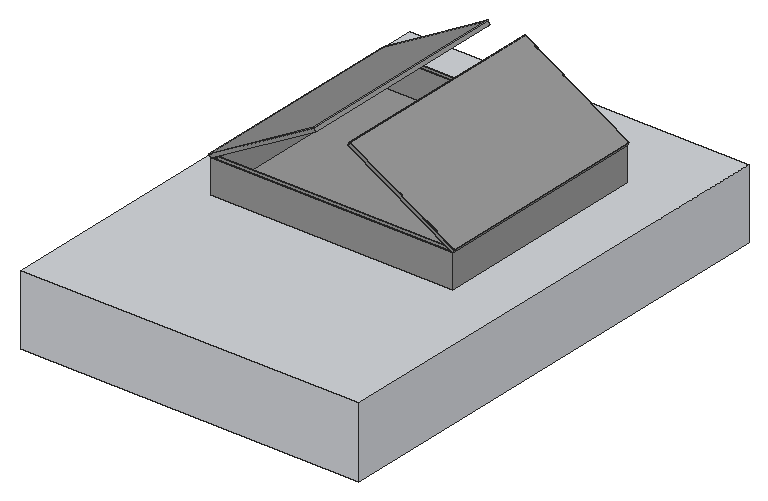
Revit family "Hager-Univers-IP44-D161-H950-Cl.II-FWQ_encl_QS-AT-de", category Equipement électrique, Revit 2020
Family settings
  Hôte = Face
  Configuration du panneau = Deux colonnes, circuits au sein
  Cote de connecteur circulaire = Utiliser le diamètre
  Type d'élément = Tableau de raccordement
  Couper avec des vides une fois chargée = Non
  Partagée = Non
  Point de calcul de pièce = Non
Parameters (values of type "Aufputz IP44 B1050 H950 T161  - FWQ64N")
  Width Control [instance] = if([EF000008 - Breite] > Min Width, [EF000008 - Breite], Min Width)  # 1050 mm
  Commentaires du type = [HG000003 - Bereich]  # "Univers"
  Thickness Door [instance] = if([EF009171 - Materialstärke Tür/Deckel] > 3 mm, 3 mm, [EF009171 - Materialstärke Tür/Deckel])  # 2 mm
  Seal Frame Offset [instance] = 17 mm  # constant formula
  Plinth Visibility [instance] = [HG000027 - Sockelhöhe] > 0 mm  # no
  Model = ""
  Min Width [instance] = 100 mm  # constant formula
  Min Height [instance] = 100 mm  # constant formula
  Min Depth [instance] = (2 * [EF009170 - Materialstärke Gehäuse]) + 1 mm  # 5 mm
  Internal Frame Depth [instance] = (Door System Depth * 0.5)  # 9 mm
  Height Control [instance] = if([EF000040 - Höhe] > Min Height, [EF000040 - Höhe], Min Height)  # 950 mm
  HG000027 - Sockelhöhe = 0 mm
  HG000026 - Stehend auf dem Boden = no
  HG000024 - Höhe des unteren Teils = 800 mm
  HG000023 - Gehäuse mit doppeltem Querschnitt = no
  HG000016 - 3D-Türsichtbarkeit [instance] = yes
  HG000015 - Sichtbarkeit der Türöffnung [instance] = no
  HG000014 - Tür rechts [instance] = yes
  HG000013 - Tür links [instance] = not([HG000014 - Tür rechts])  # no
  HG000012 - Türschwenkwinkel [instance] = 30.00°
  HG000010 - Asymmetrische Türen = no
  HG000009 - Doppelflügeligen Tür = yes
  HG000006 - Unterputz = no
  HG000004 - Herstellerreferenz = "FWQ64N"
  HG000003 - Bereich = "Univers"
  HG000002 - Mit tür = yes
  Frame Offset Bottom [instance] = 10 mm  # constant formula
  Frame Offset [instance] = 15 mm  # constant formula
  EF015940 - Deckel mit Überdruckentlastung = no
  EF011959 - Schutzart (NEMA) = ""
  EF009554 - Anzahl der Öffnungen für Flanschplatten = 8
  Fabricant = "Hager"  # constant formula
  EF009212 - Ausführung Deckel = "EV009916 - mit Ausschnitt"
  EF009171 - Materialstärke Tür/Deckel = 2 mm
  EF009170 - Materialstärke Gehäuse = 2 mm
  EF008873 - Nennstrom (In) = 125 A
  EF007800 - Geeignet für Blitzschutz = no
  EF006306 - Mit Schloss = no
  EF006244 - Transparenter Deckel/Tür = no
  EF005474 - Schutzart (IP) = "EV006418 - IP44"
  EF004464 - Art der Tür = "EV002646 - Einzel"
  EF004427 - Anzahl der Module = 192
  EF004293 - Schlagfestigkeit = "EV006815 - IK09"
  EF003532 - Geeignet für Außengebrauch = no
  EF002950 - Breite in Teilungseinheiten = 48
  EF001613 - Funktionserhalt = "EV000494 - ohne"
  EF001596 - Werkstoff des Gehäuses = "EV000179 - Stahl"
  EF001131 - Innentiefe = 161 mm
  EF001088 - Anbaumöglichkeit = yes
  EF000437 - Anzahl der Leitungseinführungen = 16
  EF000339 - Art der Abdeckung = "EV001012 - Deckel"
  EF000266 - Anzahl der Reihen = 4
  EF000218 - Einbautiefe = 0 mm
  EF000118 - Mit Montageplatte = yes
  EF000116 - RAL-Nummer = "9010"
  EF000049 - Tiefe = 161 mm
  EF000040 - Höhe = 950 mm
  EF000008 - Breite = 1050 mm
  EF000007 - Farbe = "EV000202 - weiß"
  EF000003 - Montageart = "EV000384 - Aufputz"
  Door System Leaf Tolerance [instance] = 1.5 mm  # constant formula
  Door System Depth [instance] = 18 mm  # constant formula
  Door Height [instance] = Height Control - [HG000027 - Sockelhöhe]  # 950 mm
  Depth Control [instance] = if([EF000049 - Tiefe] > Min Depth, [EF000049 - Tiefe], Min Depth)  # 161 mm
  Default Elevation = 0 mm
  Connector Offset [instance] = Height Control / 2  # 475 mm
  Bottom Top Plate Trim [instance] = 1.5 mm  # constant formula
  Plinth height Ctrl [instance] = if([HG000027 - Sockelhöhe] > 0 mm, [HG000027 - Sockelhöhe], 12 mm)  # 12 mm
Reference planes
  plane 1 "Center (Front/Back)": y = 0
  plane 2: z = 0
  plane 3 "Center (Left/Right)": x = 0
  plane 4: z = 161
  plane 5: y = 2
  plane 6: y = 475
  plane 7: y = 0
  plane 8: y = 950
  plane 9: z = 0
  plane 10: x = -510
  plane 11: x = 510
  plane 12: x = 508
  plane 13: x = -508
  plane 14: y = 948
  plane 15: x = -508
  plane 16: x = -525
  plane 17: x = 508
  plane 18: x = 525
  plane 19: x = 523
  plane 20: x = -523
  plane 21: y = 12
  plane 22: y = 950
  plane 23: y = 933
  plane 24: z = 143
  plane 25: z = 2
  plane 26: z = 141
  plane 27: z = 159
Forms (mm)
  Extrusion 1, solid
    sketch origin (0, 0, 0) x (1, 0, 0) y (0, 1, 0)
      loop
        line (-702.964, 1305) -> (-702.964, -811.445) -> (766.763, -811.445) -> (766.763, 1305) -> (-702.964, 1305)
    from 0 to -304.8
  Extrusion 2, solid, material "Hager_Steel_RAL7035_Light_Grey", visible <- "Plinth Visibility", detail levels medium+fine
    sketch origin (0, 0, 0) x (1, 0, 0) y (0, 1, 0)
      loop
        line (-525, 0) -> (525, 0) -> (525, 12) -> (-525, 12) -> (-525, 0)
    from 0 to 143
  Extrusion 3, solid, material "Hager_Steel_RAL7035_Light_Grey", detail levels medium+fine
    sketch origin (0, 0, 0) x (1, 0, 0) y (0, 1, 0)
      loop
        line (-525, 0) -> (525, 0) -> (525, 950) -> (-525, 950) -> (-525, 0)
    from 0 to 143
  Extrusion 4, void
    sketch origin (0, 0, 0) x (1, 0, 0) y (0, 1, 0)
      loop
        line (-523, 2) -> (523, 2) -> (523, 948) -> (-523, 948) -> (-523, 2)
    from 2 to 141
  Extrusion 5, void
    sketch origin (-381.607, -4572, 143) x (0, -1, 0) y (-1, 0, 0)
      loop
        line (-4584, 126.393) -> (-5505, 126.393) -> (-5505, -889.607) -> (-4584, -889.607) -> (-4584, 126.393)
    from 0 to 2 <- "EF009170 - Materialstärke Gehäuse"
  Extrusion 6, solid, material "Hager_Steel_RAL7035_Light_Grey", detail levels fine
    sketch origin (0, 0, 143) x (1, 0, 0) y (0, 1, 0)
      loop
        line (-508, 933) -> (-508, 12) -> (508, 12) -> (508, 933) -> (-508, 933)
      loop
        line (-510, 10) -> (510, 10) -> (510, 935) -> (-510, 935) -> (-510, 10)
    from 0 to 9 <- "Internal Frame Depth"
  Extrusion 7, solid, material "Hager_Steel_RAL7035_Light_Grey", detail levels coarse
    sketch origin (0, 0, 0) x (1, 0, 0) y (0, 1, 0)
      loop
        line (-525, 0) -> (525, 0) -> (525, 950) -> (-525, 950) -> (-525, 0)
    from 0 to 161
  Sweep 8, void
    path in 3D
      loop
        line (-525, 12, 0) -> (525, 12, 0) -> (525, 12, 143) -> (-525, 12, 143) -> (-525, 12, 0)
    profile origin (-525, 12, 71.5) x (-1, 0, 0) y (0, -1, 0)
      loop
        line (0, 0) -> (0, 1.5) -> (-1.5, 1.5)
        arc (-1.5, 1.5) -> (-1.061, 0.439) -> (0, 0) r 1.5
Cuts and joins
  Extrusion 4, Extrusion 5 cuts Extrusion 3
  Sweep 8 cuts Extrusion 2
Lines and regions (mm)
  Masking region 1
    outline origin (0, 0, 0) x (1, 0, 0) y (0, 0, 1)
      loop
        line (-525, 161) -> (-525, 0) -> (525, 0) -> (525, 161) -> (-525, 161)
  Masking region 2, detail levels medium+fine
    outline origin (0, 140, 0) x (0, 1, 0) y (0, 0, 1)
      loop
        line (-140, 0) -> (810, 0) -> (810, 143) -> (-140, 143) -> (-140, 0)
  Masking region 3, not visible, detail levels medium+fine
    outline origin (0, 297.922, 0) x (0, 1, 0) y (0, 0, 1)
      loop
        line (188.578, 0) -> (228.578, 0) -> (228.578, 149)
        arc (228.578, 149) -> (225.649, 156.071) -> (218.578, 159) r 10
        line (218.578, 159) -> (188.578, 159) -> (188.578, 0)
  Masking region 4, detail levels coarse
    outline origin (0, 0, 180) x (0, 1, 0) y (0, 0, 1)
      loop
        line (0, -180) -> (950, -180) -> (950, -19) -> (0, -19) -> (0, -180)
  Masking region 5, visible <- "Plinth Visibility", detail levels medium+fine
    outline origin (0, 52.24, 12.345) x (0, 0, -1) y (0, 1, 0)
      loop
        line (10.845, -40.24) -> (-129.155, -40.24)
        arc (-129.155, -40.24) -> (-129.594, -41.301) -> (-130.655, -41.74) r 1.5
        line (-130.655, -41.74) -> (-130.655, -52.24) -> (12.345, -52.24) -> (12.345, -41.74)
        arc (12.345, -41.74) -> (11.285, -41.301) -> (10.845, -40.24) r 1.5
  Masking region 6, detail levels medium+fine
    outline origin (-381.607, -4572, 143) x (-1, 0, 0) y (0, -1, 0)
      loop
        line (143.393, -5522) -> (143.393, -4572) -> (-906.607, -4572) -> (-906.607, -5522) -> (143.393, -5522)
  Masking region 7, visible <- "Plinth Visibility", detail levels medium+fine
    outline origin (-381.607, -4727, 143) x (-1, 0, 0) y (0, -1, 0)
      loop
        arc (141.893, -4739) -> (142.332, -4737.939) -> (143.393, -4737.5) r 1.5
        line (143.393, -4737.5) -> (143.393, -4727) -> (-906.607, -4727) -> (-906.607, -4737.5)
        arc (-906.607, -4737.5) -> (-905.546, -4737.939) -> (-905.107, -4739) r 1.5
        line (-905.107, -4739) -> (141.893, -4739)
  Masking region 8, detail levels coarse
    outline origin (-442.548, -4669.526, 143) x (-1, 0, 0) y (0, -1, 0)
      loop
        line (82.452, -5619.526) -> (82.452, -4669.526) -> (-967.548, -4669.526) -> (-967.548, -5619.526) -> (82.452, -5619.526)
  sketch lines
    curve 1: line (-525, 12, 143) -> (-525, 12, 0)
    curve 2: line (525, 12, 143) -> (-525, 12, 143)
    curve 3: line (525, 12, 143) -> (525, 12, 0)
    curve 4: line (-525, 12, 0) -> (525, 12, 0)
Dimensions and locks
  "Depth Control": plane 4 to Extrusion 1
  "HG000027 - Sockelhöhe": plane 1 "Center (Front/Back)" to plane 7
  "EF009170 - Materialstärke Gehäuse": plane 5 to plane 7
  locked: connector elem to plane 3 "Center (Left/Right)"
  equal spacing: plane 8, plane 6, plane 7
  locked: connector elem to plane 6
  "EF009170 - Materialstärke Gehäuse": plane 8 to plane 14
  "EF009170 - Materialstärke Gehäuse": plane 10 to plane 13
  "EF009170 - Materialstärke Gehäuse": plane 12 to plane 11
  "Frame Offset": plane 20 to plane 13
  "Frame Offset": plane 12 to plane 19
  "EF009170 - Materialstärke Gehäuse": plane 16 to plane 20
  "EF009170 - Materialstärke Gehäuse": plane 19 to plane 18
  "Seal Frame Offset": plane 16 to plane 15
  "Seal Frame Offset": plane 17 to plane 18
  "Frame Offset Bottom": plane 21 to plane 5
  "Frame Offset": plane 14 to plane 23
  equal spacing: plane 16, plane 3 "Center (Left/Right)", plane 18
  "Width Control": plane 16 to plane 18
  "EF009170 - Materialstärke Gehäuse": plane 4 to plane 27
  "EF009170 - Materialstärke Gehäuse": plane 24 to plane 26
  "EF009170 - Materialstärke Gehäuse": plane 25 to level
  "Door System Depth": plane 4 to plane 24
  "Height Control": plane 1 "Center (Front/Back)" to Extrusion 7 sketch curve
  "Height Control": Masking region 4 sketch curve to plane 1 "Center (Front/Back)"
  "Height Control": plane 1 "Center (Front/Back)" to plane 22
  "Bottom Top Plate Trim": profile plane to Sweep 8 sketch curve
  "Bottom Top Plate Trim": Sweep 8 sketch curve to profile plane
  "Plinth height Ctrl": plane 1 "Center (Front/Back)" to Extrusion 2 sketch curve
  "Plinth height Ctrl": Masking region 5 sketch curve to plane 1 "Center (Front/Back)"
  "Plinth height Ctrl": plane 1 "Center (Front/Back)" to Masking region 7 sketch curve
  "Thickness Door": Extrusion 6 sketch curve to Extrusion 6 sketch curve  (x3)
  "Thickness Door": cut or joined group of Extrusion 3, Extrusion 4, Extrusion 5 to Extrusion 6 sketch curve
  radius of Masking region 3 sketch curve = 10 mm
  "Bottom Top Plate Trim": radius of Masking region 5 sketch curve  (x2)
  "Bottom Top Plate Trim": radius of Sweep 8 sketch curve
  "Bottom Top Plate Trim": radius of Masking region 7 sketch curve  (x2)
  aligned and locked: plane 2 to Extrusion 1
  aligned and locked: level to Extrusion 1
  aligned and locked: level to Masking region 1 sketch curve
  aligned and locked: Masking region 1 sketch curve to plane 18
  aligned and locked: Masking region 1 sketch curve to plane 16
  aligned and locked: plane 7 to Masking region 2 sketch curve
  aligned and locked: level to Masking region 3 sketch curve
  aligned and locked: Masking region 3 sketch curve to plane 27
  aligned and locked: level to Masking region 2 sketch curve
  aligned and locked: plane 1 "Center (Front/Back)" to Extrusion 2 sketch curve
  aligned and locked: Extrusion 3 sketch curve to plane 7
  aligned and locked: plane 16 to Extrusion 3 sketch curve
  aligned and locked: plane 18 to Extrusion 3 sketch curve
  aligned and locked: plane 20 to Extrusion 4 sketch curve
  aligned and locked: plane 19 to Extrusion 4 sketch curve
  aligned and locked: Extrusion 4 sketch curve to plane 5
  aligned and locked: Extrusion 4 to plane 25
  aligned and locked: plane 26 to Extrusion 4
  aligned and locked: plane 24 to Extrusion 3
  aligned and locked: Extrusion 5 sketch curve to plane 21
  aligned and locked: Extrusion 5 sketch curve to plane 13
  aligned and locked: Extrusion 5 sketch curve to plane 12
  aligned and locked: plane 18 to Extrusion 7 sketch curve
  aligned and locked: plane 1 "Center (Front/Back)" to Extrusion 7 sketch curve
  aligned and locked: plane 16 to Extrusion 7 sketch curve
  aligned and locked: plane 4 to Extrusion 7
  aligned and locked: Extrusion 7 to level
  aligned and locked: level to Masking region 4 sketch curve
  aligned and locked: Masking region 4 sketch curve to plane 1 "Center (Front/Back)"
  aligned and locked: Masking region 4 sketch curve to plane 4
  aligned and locked: nested 1 to level
  aligned and locked: nested 1 to plane 16
  aligned and locked: Extrusion 3 sketch curve to plane 8
  aligned and locked: Extrusion 5 sketch curve to plane 23
  aligned and locked: Extrusion 4 sketch curve to plane 14
  aligned and locked: Masking region 2 sketch curve to plane 8
  aligned and locked: level to Masking region 5 sketch curve
  aligned and locked: plane 16 to Extrusion 2 sketch curve
  aligned and locked: plane 18 to Extrusion 2 sketch curve
  aligned and locked: Masking region 5 sketch curve to plane 24
  aligned and locked: Masking region 2 sketch curve to plane 24
  aligned and locked: plane 24 to Extrusion 2
  aligned and locked: profile plane to Sweep 8 sketch curve  (x2)
  aligned and locked: Masking region 6 sketch curve to plane 18
  aligned and locked: Masking region 6 sketch curve to plane 22
  aligned and locked: Masking region 6 sketch curve to plane 16
  aligned and locked: plane 8 to plane 22
  aligned and locked: Masking region 6 sketch curve to plane 7
  aligned and locked: Masking region 7 sketch curve to plane 16
  aligned and locked: Masking region 7 sketch curve to plane 1 "Center (Front/Back)"
  aligned and locked: Masking region 7 sketch curve to plane 18
  aligned and locked: Masking region 8 sketch curve to plane 1 "Center (Front/Back)"
  aligned and locked: Masking region 8 sketch curve to plane 18
  aligned and locked: Masking region 8 sketch curve to plane 22
  aligned and locked: Masking region 8 sketch curve to plane 16
  aligned and locked: nested 2 to plane 7
  aligned and locked: plane 3 "Center (Left/Right)" to nested 2
  aligned and locked: nested 2 to plane 24
  aligned and locked: Extrusion 6 sketch curve to cut or joined group of Extrusion 3, Extrusion 4, Extrusion 5  (x4)
Automatic sketch dimensions
  Extrusion 1 sketch curve to Extrusion 1 sketch curve = 1469.727 mm
  Extrusion 1 sketch curve to Extrusion 1 sketch curve = 2116.445 mm
  Masking region 1 sketch curve to plane 4 = 0 mm
  plane 6 to Masking region 3 sketch curve = 11.5 mm
  Masking region 3 sketch curve to Masking region 3 sketch curve = 30 mm
  Masking region 5 sketch curve to plane 1 "Center (Front/Back)" = 0 mm
Nested families
  nested 1: "Hager_Enclosure_Symbol" at (-525, 0, 0) x (1, 0, 0) z (0, -1, 0), Height <- "Depth Control", Width <- "Width Control", type "Hager_Enclosure_Symbol"
    with Width_Ctrl 1050 mm, Width 1050 mm, Height_Ctrl 161 mm, Height 161 mm, A_Width_Int 10.566 mm, A_Width 126.788 mm, A_Height_Ctrl 140.875 mm, A_Height 140.875 mm
  nested 2: "EC000058_Univers_Door" at (0, 0, 143) x (1, 0, 0) z (0, 1, 0), Leaf_Tolerance <- "Door System Leaf Tolerance", Angle <- "HG000012 - Türschwenkwinkel", Door_Depth <- "Door System Depth", Door_Left <- "HG000013 - Tür links", Transparent <- "EF006244 - Transparenter Deckel/Tür", Assymetrical <- "HG000010 - Asymmetrische Türen", Width <- "Width Control", Clearance <- "HG000015 - Sichtbarkeit der Türöffnung", Double <- "HG000009 - Doppelflügeligen Tür", 3d_Door <- "HG000016 - 3D-Türsichtbarkeit", Lock_Visibility <- "EF006306 - Mit Schloss", Width_Ctrl <- "Width Control", Door_Right <- "HG000014 - Tür rechts", Door <- "HG000002 - Mit tür", Height <- "Door Height", Thickness <- "Thickness Door", type "EC000058_Univers_Door", detail levels medium+fine
    with min_wh 5 mm, Width_Ctrl 1050 mm, Width 1050 mm, Transparent no, Thickness 2 mm, Seal_Material Hager_Rubber, Lock_Visibility no, Lock_Material Hager_Plastic_RAL9005_Jet_Black, Leaf_Width 1050 mm, Leaf_Tolerance_External_Sides 0 mm, Leaf_Tolerance 1.5 mm, Leaf_Offset 0 mm, Leaf_Height 947 mm, Leaf_2_Width 523.5 mm, Leaf_2_Offset 262.5 mm, Leaf_1_Width 523.5 mm, Leaf_1_Offset 262.5 mm, Height_Ctrl 950 mm, Height 950 mm, Glass_Material Hager_Glass, Double_Clearance_Ctrl no, Double yes, Door_Right_Ctrl yes, Door_Right yes, Door_Material Hager_Steel_RAL7035_Light_Grey, Door_Left_Ctrl yes, Door_Left no, Door_Depth 18 mm, Door yes, Clearance_Material Hager_Clearance, Clearance_Depth 523.5 mm, Clearance_Ctrl no, Clearance no, Assymetrical no, Angle 30.00°, 3d_Door yes
Connectors
  electrical at (0, 475, 0)
    settings: on plane 9, index 1, voltage 0 V, apparent load 0 VA, apparent load phase1 0 VA, apparent load phase2 0 VA, apparent load phase3 0 VA, power factor 1, load classification "Other", number of poles 1, system type 30, power factor state 1, is connector primary yes, connector utility no, sub classification motor no, connector description ""
Definition of nested family "EC000058_Univers_Door"
  Parameters (values of type "EC000058_Univers_Door")
    min_wh [instance] = (2 * Thickness) + 1 mm  # 11 mm
    Width_Ctrl [instance] = 400 mm
    Width [instance] = 500 mm
    Transparent [instance] = yes
    Thickness [instance] = 5 mm
    Seal_Material [instance] = none
    Lock_Visibility [instance] = yes
    Lock_Material [instance] = none
    Leaf_Width [instance] = if((Width_Ctrl - 2 * Leaf_Tolerance_External_Sides) > 0 mm, (Width_Ctrl - 2 * Leaf_Tolerance_External_Sides), min_wh)  # 400 mm
    Leaf_Tolerance_External_Sides [instance] = 0 mm  # constant formula
    Leaf_Tolerance [instance] = 1.5 mm
    Leaf_Offset [instance] = 0 mm  # constant formula
    Leaf_Height [instance] = if((Height_Ctrl - 2 * Leaf_Tolerance) > 0 mm, (Height_Ctrl - 2 * Leaf_Tolerance), min_wh)  # 497 mm
    Leaf_2_Width [instance] = if(and(and(Double, Assymetrical), Door_Left), (Leaf_Width / 3) - (Leaf_Tolerance / 2), if(and(and(Double, Assymetrical), Door_Right), (Leaf_Width / 3) * 2 - (Leaf_Tolerance / 2), if(and(Double, not(Assymetrical)), (Leaf_Width / 2) - Leaf_Tolerance, Leaf_Width)))  # 400 mm
    Leaf_2_Offset [instance] = if(and(Double, Assymetrical), Leaf_2_Width / 2, if(and(Double, not(Assymetrical)), Leaf_Width / 4, Leaf_Width / 2))  # 200 mm
    Leaf_1_Width [instance] = if(and(and(Double, Assymetrical), Door_Right), (Leaf_Width / 3) - (Leaf_Tolerance / 2), if(and(and(Double, Assymetrical), Door_Left), (Width / 3) * 2 - (Leaf_Tolerance / 2), if(and(Double, not(Assymetrical)), (Leaf_Width / 2) - Leaf_Tolerance, Leaf_Width)))  # 400 mm
    Leaf_1_Offset [instance] = if(and(Double, Assymetrical), Leaf_1_Width / 2, if(and(Double, not(Assymetrical)), Leaf_Width / 4, Leaf_Width / 2))  # 200 mm
    Height_Ctrl [instance] = if(Height > min_wh, Height, min_wh)  # 500 mm
    Height [instance] = 500 mm
    Glass_Material [instance] = none
    Double_Clearance_Ctrl [instance] = and(Double, Clearance)  # no
    Double [instance] = no
    Door_Right_Ctrl [instance] = and(or(Door_Right, Double), Door)  # yes
    Door_Right [instance] = yes
    Door_Material [instance] = none
    Door_Left_Ctrl [instance] = and(or(Door_Left, Double), Door)  # no
    Door_Left [instance] = no
    Door_Depth [instance] = 30 mm
    Door [instance] = yes
    Default Elevation = 1219.2 mm
    Clearance_Material [instance] = none
    Clearance_Depth [instance] = if(Leaf_1_Width > Leaf_2_Width, Leaf_1_Width, Leaf_2_Width)  # 400 mm
    Clearance_Ctrl [instance] = and(not(Double), Clearance)  # yes
    Clearance [instance] = yes
    Assymetrical [instance] = yes
    Angle [instance] = 30.00°
    3d_Door [instance] = yes
  Reference planes
    plane 1 "Center (Front/Back)": y = 0
    plane 2 "Bottom": z = 0
    plane 3 "Center (Left/Right)": x = 0
    plane 4: z = 500
    plane 5: x = -200
    plane 6: x = 200
    plane 7: z = 500
    plane 8: x = -200
    plane 9: z = 0
    plane 10: x = 200
    plane 11: y = 0
    plane 12: z = 1.5
    plane 13: x = -600
    plane 14: y = -400
    plane 15: x = 600
    plane 16: x = 0
    plane 17: x = 0
    plane 18: x = -200
    plane 19: x = 200
    plane 20: z = 498.5
  Forms (mm)
    Extrusion 1, solid, material <- "Clearance_Material", visible <- "Double_Clearance_Ctrl"
      sketch origin (1200, 0, 0) x (1, 0, 0) y (0, 0, -1)
        loop
          line (-1800, -498.5) -> (-600, -498.5) -> (-600, 0) -> (-1800, 0) -> (-1800, -498.5)
      from 0 to -400
  Dimensions and locks
    equal spacing: plane 5, plane 3 "Center (Left/Right)", plane 6
    "Width_Ctrl": plane 5 to plane 6
    "Leaf_Offset": plane 5 to plane 8
    "Leaf_Offset": plane 6 to plane 10
    "Leaf_Offset": plane 9 to level
    "Leaf_Offset": plane 4 to plane 7
    "Height_Ctrl": plane 4 to level
    "Leaf_Tolerance": plane 12 to plane 9
    locked: plane 11 to plane 1 "Center (Front/Back)"
    "Leaf_1_Offset": plane 18 to plane 16
    "Leaf_2_Offset": plane 17 to plane 19
    "Leaf_1_Width": plane 13 to plane 8
    "Leaf_2_Width": plane 10 to plane 15
    "Clearance_Depth": plane 14 to plane 1 "Center (Front/Back)"
    "Leaf_Tolerance_External_Sides": plane 8 to plane 18
    "Leaf_Tolerance_External_Sides": plane 19 to plane 10
    "Leaf_Tolerance": plane 7 to plane 20
    aligned and locked: level to plane 2 "Bottom"
    aligned and locked: nested 1 to plane 16
    aligned and locked: nested 2 to plane 17
    aligned and locked: Extrusion 1 to plane 13
    aligned and locked: plane 15 to Extrusion 1
    aligned and locked: Extrusion 1 to plane 14
    aligned and locked: plane 12 to nested 1
    aligned and locked: nested 2 to plane 12
    aligned and locked: Extrusion 1 to plane 11
    aligned and locked: plane 20 to Extrusion 1
    aligned and locked: nested 2 to plane 11
    aligned and locked: nested 1 to plane 11
  Automatic sketch dimensions
    Extrusion 1 sketch curve to level = 0 mm
    plane 5 to Extrusion 1 sketch curve = 400 mm
    plane 6 to Extrusion 1 sketch curve = 400 mm
    Extrusion 1 sketch curve to plane 4 = 1.5 mm
  Nested families
    nested 1: "EC000058_Univers_Door_Leaf" at (0, 0, 1.5), Width <- "Leaf_1_Width", visible <- "Door_Left_Ctrl", Leaf_Height <- "Leaf_Height", Angle <- "Angle", 3d_Door <- "3d_Door", Transparent <- "Transparent", Clearance Material <- "Clearance_Material", Clearance <- "Clearance_Ctrl", Door_Material <- "Door_Material", Glass_Material <- "Glass_Material", Door_Depth <- "Door_Depth", Lock_Material <- "Lock_Material", Seal_Material <- "Seal_Material", Lock_Visibility <- "Lock_Visibility", Thickness <- "Thickness", type "EC000058_Univers_Door_Leaf"
      with Width 400 mm, Transparent_Glass_Offset 30 mm, Transparent_Ctrl yes, Transparent yes, Thickness 5 mm, Standard no, Seal_Material none, Seal_D2 8 mm, Seal_D1 1 mm, Offset_Internal_Frame 10 mm, Lock_Width 20 mm, Lock_Visibility_3d yes, Lock_Visibility yes, Lock_Thickness_3 3 mm, Lock_Thickness_2 1 mm, Lock_Thickness_1 3 mm, Lock_Radius_Offset_2 16 mm, Lock_Radius_Offset_1 15 mm, Lock_Radius_2 5 mm, Lock_Radius 6 mm, Lock_Offset 5 mm, Lock_Material none, Lock_Height 80 mm, Lock_Cover_Top_Offset_2d 17 mm, Lock_Cover_Height -65 mm, Leaf_Height 497 mm, Internal_Seal_Thickness 8 mm, Internal_Seal_Depth_2 4.5 mm, Internal_Frame_Depth 25 mm, Glass_Thickness -1 mm, Glass_Offset -2 mm, Glass_Material none, Door_Material none, Door_Depth 30 mm, Clearance Material none, Clearance yes, Angle_Ctrl 30.00°, Angle 30.00°, 3d_Door yes
    nested 2: "EC000058_Univers_Door_Leaf" at (0, 0, 1.5) x (-1, 0, 0) z (0, 0, 1), Width <- "Leaf_2_Width", visible <- "Door_Right_Ctrl", Leaf_Height <- "Leaf_Height", Angle <- "Angle", 3d_Door <- "3d_Door", Transparent <- "Transparent", Clearance Material <- "Clearance_Material", Clearance <- "Clearance_Ctrl", Door_Material <- "Door_Material", Glass_Material <- "Glass_Material", Door_Depth <- "Door_Depth", Lock_Material <- "Lock_Material", Seal_Material <- "Seal_Material", Lock_Visibility <- "Lock_Visibility", Thickness <- "Thickness", type "EC000058_Univers_Door_Leaf"
      with Width 400 mm, Transparent_Glass_Offset 30 mm, Transparent_Ctrl yes, Transparent yes, Thickness 5 mm, Standard no, Seal_Material none, Seal_D2 8 mm, Seal_D1 1 mm, Offset_Internal_Frame 10 mm, Lock_Width 20 mm, Lock_Visibility_3d yes, Lock_Visibility yes, Lock_Thickness_3 3 mm, Lock_Thickness_2 1 mm, Lock_Thickness_1 3 mm, Lock_Radius_Offset_2 16 mm, Lock_Radius_Offset_1 15 mm, Lock_Radius_2 5 mm, Lock_Radius 6 mm, Lock_Offset 5 mm, Lock_Material none, Lock_Height 80 mm, Lock_Cover_Top_Offset_2d 17 mm, Lock_Cover_Height -65 mm, Leaf_Height 497 mm, Internal_Seal_Thickness 8 mm, Internal_Seal_Depth_2 4.5 mm, Internal_Frame_Depth 25 mm, Glass_Thickness -1 mm, Glass_Offset -2 mm, Glass_Material none, Door_Material none, Door_Depth 30 mm, Clearance Material none, Clearance yes, Angle_Ctrl 30.00°, Angle 30.00°, 3d_Door yes
  Definition of nested family "EC000058_Univers_Door_Leaf"
    Parameters (values of type "EC000058_Univers_Door_Leaf")
      Width [instance] = 2000 mm
      Transparent_Glass_Offset [instance] = 30 mm
      Transparent_Ctrl [instance] = and(Transparent, [3d_Door])  # yes
      Transparent [instance] = yes
      Thickness [instance] = 5 mm
      Standard [instance] = and(not(Transparent), [3d_Door])  # no
      Seal_Material [instance] = none
      Seal_D2 [instance] = 8 mm  # constant formula
      Seal_D1 [instance] = 1 mm  # constant formula
      Offset_Internal_Frame [instance] = 10 mm  # constant formula
      Lock_Width [instance] = 20 mm  # constant formula
      Lock_Visibility_3d [instance] = and(Lock_Visibility, [3d_Door])  # yes
      Lock_Visibility [instance] = yes
      Lock_Thickness_3 [instance] = 3 mm  # constant formula
      Lock_Thickness_2 [instance] = 1 mm  # constant formula
      Lock_Thickness_1 [instance] = 3 mm  # constant formula
      Lock_Radius_Offset_2 [instance] = Lock_Radius_Offset_1 + 1 mm  # 16 mm
      Lock_Radius_Offset_1 [instance] = 15 mm  # constant formula
      Lock_Radius_2 [instance] = Lock_Radius - 1 mm  # 5 mm
      Lock_Radius [instance] = 6 mm  # constant formula
      Lock_Offset [instance] = 5 mm  # constant formula
      Lock_Material [instance] = none
      Lock_Height [instance] = 80 mm  # constant formula
      Lock_Cover_Top_Offset_2d [instance] = Lock_Radius_Offset_2 + 1 mm  # 17 mm
      Lock_Cover_Height [instance] = -(Lock_Height - Lock_Radius_Offset_1)  # -65 mm
      Leaf_Height [instance] = 2720.336 mm
      Internal_Seal_Thickness [instance] = 8 mm  # constant formula
      Internal_Seal_Depth_2 [instance] = 4.5 mm  # constant formula
      Internal_Frame_Depth [instance] = if(Door_Depth - Thickness > 5 mm, Door_Depth - Thickness, 5 mm)  # 25 mm
      Glass_Thickness [instance] = if(Thickness > 15 mm, Glass_Offset + 10 mm, -1 mm)  # -1 mm
      Glass_Offset [instance] = if(Thickness > 15 mm, -(Thickness + 10 mm) / 2, -2 mm)  # -2 mm
      Glass_Material [instance] = none
      Door_Material [instance] = none
      Door_Depth [instance] = 30 mm
      Default Elevation = 0 mm
      Clearance Material [instance] = none
      Clearance [instance] = yes
      Angle_Ctrl [instance] = if(Angle > 180.00°, 180.00°, Angle)  # 90.00°
      Angle [instance] = 90.00°
      3d_Door [instance] = yes
    Reference planes
      plane 1 "Center (Front/Back)": y = 0
      plane 2: z = 0
      plane 3 "Center (Left/Right)": x = 0
      plane 4: y = 2000
      plane 5: x = -1000
      plane 6: x = 1000
      plane 7: x = -3000
      plane 8: z = 2720.336
      plane 9: z = 30
      plane 10: z = 2690.336
      plane 11: x = 970
      plane 12: x = -970
      plane 13: y = -3
      plane 14: z = 107.833
      plane 15: y = -5
      plane 16: y = -223.314
      plane 17: x = -1000
      plane 18: z = 1360.168
      plane 19: y = 30
    Forms (mm)
      Extrusion 1, solid, material <- "Clearance Material", visible <- "Clearance"
        sketch origin (0, 0, 0) x (1, 0, 0) y (0, 0, 1)
          loop
            line (-3000, 2720.336) -> (-3000, 0) -> (1000, 0) -> (1000, 2720.336) -> (-3000, 2720.336)
        from 0 to -2000
      Extrusion 2, solid, material <- "Door_Material", visible <- "Standard", detail levels medium+fine
        sketch origin (-1000, 0, 0) x (0, 1, 0) y (-1, 0, 0)
          loop
            line (0, 30) -> (0, 25) -> (2000, 25) -> (2000, 30) -> (0, 30)
        from 0 to 2720.336 <- "Leaf_Height"
      Extrusion 3, solid, material <- "Door_Material", visible <- "Transparent_Ctrl", detail levels medium+fine
        sketch origin (-1000, 0, 0) x (0, 1, 0) y (-1, 0, 0)
          loop
            line (0, 25) -> (2000, 25) -> (2000, 30) -> (0, 30) -> (0, 25)
        from 0 to 2720.336 <- "Leaf_Height"
      Extrusion 4, void
        sketch origin (-1025, 2000, 0) x (0, 1, 0) y (0, 0, -1)
          loop
            line (-30, -2690.336) -> (-30, -30) -> (-1970, -30) -> (-1970, -2690.336) -> (-30, -2690.336)
        from 0 to 5 <- "Thickness"
      Sweep 5, solid, material <- "Seal_Material", visible <- "Transparent_Ctrl", detail levels fine
        path in 3D
          loop
            line (-1025, 30, 30) -> (-1025, 30, 2690.336) -> (-1025, 1970, 2690.336) -> (-1025, 1970, 30) -> (-1025, 30, 30)
        profile origin (-1025, 1000, 30) x (1, 0, 0) y (0, 0, 1)
          loop
            line (0, 0) -> (0, -8) -> (1, -8) -> (1, 0) -> (0, 0)
      Extrusion 6, solid, material <- "Glass_Material", visible <- "Transparent_Ctrl", detail levels medium+fine
        sketch origin (-1030, 0, 0) x (0, 1, 0) y (0, 0, -1)
          loop
            line (1970, -2690.336) -> (1970, -30) -> (30, -30) -> (30, -2690.336) -> (1970, -2690.336)
        from -2 <- "Glass_Offset" to -1 <- "Glass_Thickness"
      Extrusion 7, solid, material <- "Door_Material", visible <- "3d_Door", detail levels medium+fine
        sketch origin (-1025, 2000, 0) x (0, -1, 0) y (0, 0, -1)
          loop
            line (0, -2720.336) -> (2000, -2720.336) -> (2000, 0) -> (0, 0) -> (0, -2720.336)
          loop
            line (1995, -5) -> (5, -5) -> (5, -2715.336) -> (1995, -2715.336) -> (1995, -5)
        from 0 to 25 <- "Internal_Frame_Depth"
      Sweep 8, solid, material <- "Seal_Material", visible <- "Transparent_Ctrl", detail levels fine
        path in 3D
          loop
            line (-1025, 0, 0) -> (-1025, 2000, 0) -> (-1025, 2000, 2720.336) -> (-1025, 0, 2720.336) -> (-1025, 0, 0)
        profile origin (-1025, 0, 1360.168) x (1, 0, 0) y (0, 1, 0)
          loop
            line (0, 10) -> (2.975, 10)
            arc (2.975, 10) -> (4.053, 10.447) -> (4.5, 11.525) r 1.525
            line (4.5, 11.525) -> (4.5, 16.527)
            arc (4.5, 16.527) -> (4.069, 17.569) -> (3.027, 18) r 1.473
            line (3.027, 18) -> (0, 18) -> (0, 10)
      Extrusion 9, solid, material <- "Lock_Material", visible <- "Lock_Visibility_3d", detail levels fine
        sketch origin (-1030, 0, 0) x (0, 1, 0) y (0, 0, -1)
          loop
            arc (1993.5, -1400.168) -> (1994.561, -1399.729) -> (1995, -1398.668) r 1.5
            line (1995, -1398.668) -> (1995, -1320.168) -> (1975, -1320.168) -> (1975, -1398.668)
            arc (1975, -1398.668) -> (1975.439, -1399.729) -> (1976.5, -1400.168) r 1.5
            line (1976.5, -1400.168) -> (1993.5, -1400.168)
        from 3 <- "Lock_Thickness_1" to 0
      Blend 10, solid, material <- "Lock_Material", visible <- "Lock_Visibility_3d", detail levels fine
        base sketch origin (-1033, 0, 0) x (0, 1, 0) y (0, 0, -1)
          loop
            line (1975, -1320.168) -> (1975, -1398.668)
            arc (1975, -1398.668) -> (1975.439, -1399.729) -> (1976.5, -1400.168) r 1.5
            line (1976.5, -1400.168) -> (1993.5, -1400.168)
            arc (1993.5, -1400.168) -> (1994.561, -1399.729) -> (1995, -1398.668) r 1.5
            line (1995, -1398.668) -> (1995, -1320.168) -> (1975, -1320.168)
        top sketch origin (-1033, 0, 0) x (0, 1, 0) y (0, 0, -1)
          loop
            line (1976, -1320.168) -> (1976, -1398.668)
            arc (1976, -1398.668) -> (1976.146, -1399.022) -> (1976.5, -1399.168) r 0.5
            line (1976.5, -1399.168) -> (1993.5, -1399.168)
            arc (1993.5, -1399.168) -> (1993.854, -1399.022) -> (1994, -1398.668) r 0.5
            line (1994, -1398.668) -> (1994, -1320.168) -> (1976, -1320.168)
        from 0 to 1 <- "Lock_Thickness_2"
      Blend 11, solid, material <- "Lock_Material", visible <- "Lock_Visibility_3d", detail levels fine
        base sketch origin (-1034, 0, 0) x (0, 1, 0) y (0, 0, -1)
          loop
            line (1978, -1320.168) -> (1978, -1384.168)
            arc (1978, -1384.168) -> (1985, -1391.168) -> (1992, -1384.168) r 7
            line (1992, -1384.168) -> (1992, -1320.168) -> (1978, -1320.168)
        top sketch origin (-1034, 0, 0) x (0, 1, 0) y (0, 0, -1)
          loop
            line (1991, -1320.168) -> (1979, -1320.168) -> (1979, -1383.168)
            arc (1979, -1383.168) -> (1985, -1389.168) -> (1991, -1383.168) r 6
            line (1991, -1383.168) -> (1991, -1320.168)
        from 0 to 3 <- "Lock_Thickness_3"
      Extrusion 12, solid, material <- "Lock_Material", visible <- "Lock_Visibility_3d", detail levels fine
        sketch origin (-1030, 1975, 1320.168) x (1, 0, 0) y (0, -1, 0)
          loop
            line (-7, -19) -> (-7, -1) -> (0, -1) -> (0, 0) -> (-8, 0) -> (-8, -20) -> (0, -20) -> (0, -19) -> (-7, -19)
        from 0 to -65 <- "Lock_Cover_Height"
      Extrusion 13, void
        sketch origin (-1038, 1995, 1320.168) x (-1, 0, 0) y (0, 0, -1)
          loop
            line (-5, -65) -> (0, -65) -> (-5, -60) -> (-5, -65)
        from 0 to 20 <- "Lock_Width"
      Extrusion 14, void
        sketch origin (-1038, 1975, 1320.168) x (0, -1, 0) y (0, 0, -1)
          loop
            circle (-10, -15.995) r 6
          loop
            circle (-10, -15.995) r 5
        from 0 to 2
      Extrusion 15, solid, material <- "Lock_Material", visible <- "Lock_Visibility_3d", detail levels medium
        sketch origin (-1030, 0, 0) x (0, 1, 0) y (0, 0, -1)
          loop
            arc (1993.5, -1400.168) -> (1994.561, -1399.729) -> (1995, -1398.668) r 1.5
            line (1995, -1398.668) -> (1995, -1320.168) -> (1975, -1320.168) -> (1975, -1398.668)
            arc (1975, -1398.668) -> (1975.439, -1399.729) -> (1976.5, -1400.168) r 1.5
            line (1976.5, -1400.168) -> (1993.5, -1400.168)
        from 8 to 0
    Cuts and joins
      Extrusion 4 cuts Extrusion 3
      Extrusion 13, Extrusion 14 cuts Extrusion 9
      Extrusion 14 cuts Blend 11
      Extrusion 13, Extrusion 14 cuts Extrusion 12
      joined: Extrusion 9, Blend 10, Blend 11, Extrusion 12
      Extrusion 14 cuts Extrusion 15
    Lines and regions (mm)
      Masking region 1, visible <- "Lock_Visibility", detail levels fine
        outline origin (0, 0, 0) x (0, 1, 0) y (0, 0, 1)
          loop
            line (30, 1320.168) -> (33, 1320.168) -> (33, 1400.168) -> (30, 1400.168) -> (30, 1320.168)
      Masking region 2, visible <- "Lock_Visibility", detail levels fine
        outline origin (0, 3.143, 0) x (0, 1, 0) y (0, 0, 1)
          loop
            line (29.857, 1354.168) -> (30.857, 1354.168) -> (30.857, 1366.168) -> (29.857, 1366.168) -> (29.857, 1354.168)
      Masking region 3, detail levels medium+fine
        outline origin (0, 0, 0) x (0, 1, 0) y (0, 0, 1)
          loop
            line (0, 0) -> (30, 0) -> (30, 2720.336) -> (0, 2720.336) -> (0, 0)
      Masking region 4, detail levels medium+fine
        outline origin (0, 0, 0) x (1, 0, 0) y (0, 0, 1)
          loop
            line (-1000, 2720.336) -> (-1000, 0) -> (1000, 0) -> (1000, 2720.336) -> (-1000, 2720.336)
      Masking region 5, visible <- "Lock_Visibility", detail levels fine
        outline origin (-47.116, 0, 0) x (1, 0, 0) y (0, 0, 1)
          loop
            arc (1024.616, 1399.168) -> (1023.556, 1398.729) -> (1023.116, 1397.668) r 1.5
            line (1023.116, 1397.668) -> (1023.116, 1320.168) -> (1041.116, 1320.168) -> (1041.116, 1397.668)
            arc (1041.116, 1397.668) -> (1040.677, 1398.729) -> (1039.616, 1399.168) r 1.5
            line (1039.616, 1399.168) -> (1024.616, 1399.168)
      Masking region 6, visible <- "Lock_Visibility", detail levels medium+fine
        outline origin (-25, 0, 0) x (1, 0, 0) y (0, 0, 1)
          loop
            arc (1001.5, 1400.168) -> (1000.439, 1399.729) -> (1000, 1398.668) r 1.5
            line (1000, 1398.668) -> (1000, 1320.168) -> (1020, 1320.168) -> (1020, 1398.668)
            arc (1020, 1398.668) -> (1019.561, 1399.729) -> (1018.5, 1400.168) r 1.5
            line (1018.5, 1400.168) -> (1001.5, 1400.168)
      Masking region 7, visible <- "Lock_Visibility", detail levels fine
        outline origin (-73.735, 0, 0) x (1, 0, 0) y (0, 0, 1)
          loop
            line (1051.735, 1382.168) -> (1065.735, 1382.168) -> (1065.735, 1384.168)
            arc (1065.735, 1384.168) -> (1058.735, 1391.168) -> (1051.735, 1384.168) r 7
            line (1051.735, 1384.168) -> (1051.735, 1382.168)
      Masking region 8, visible <- "Lock_Visibility", detail levels fine
        outline origin (-73.735, 0, 0) x (1, 0, 0) y (0, 0, 1)
          loop
            line (1052.735, 1382.168) -> (1064.735, 1382.168) -> (1064.735, 1383.168)
            arc (1064.735, 1383.168) -> (1058.735, 1389.168) -> (1052.735, 1383.168) r 6
            line (1052.735, 1383.168) -> (1052.735, 1382.168)
      Masking region 9, visible <- "Lock_Visibility", detail levels fine
        outline origin (-25, 0, 0) x (1, 0, 0) y (0, 0, 1)
          loop
            line (1020, 1320.168) -> (1020, 1382.168) -> (1000, 1382.168) -> (1000, 1320.168) -> (1020, 1320.168)
      Masking region 10, detail levels medium+fine
        outline origin (0, 0, 0) x (1, 0, 0) y (0, 0, 1)
          loop
            circle (985, 1335.144) r 6
      Masking region 11, detail levels fine
        outline origin (0, 0, 0) x (1, 0, 0) y (0, 0, 1)
          loop
            circle (985, 1335.144) r 5
      Masking region 12, visible <- "Lock_Visibility", detail levels fine
        outline origin (0, 12.767, 0) x (0, 1, 0) y (0, 0, 1)
          loop
            line (20.233, 1320.168) -> (21.233, 1320.168) -> (21.233, 1399.168) -> (20.233, 1400.168) -> (20.233, 1320.168)
      Masking region 13, visible <- "Lock_Visibility", detail levels fine
        outline origin (0, 13.767, -10) x (0, 1, 0) y (0, 0, 1)
          loop
            line (20.233, 1330.168) -> (23.233, 1330.168) -> (23.233, 1399.168) -> (20.233, 1402.168) -> (20.233, 1330.168)
      Masking region 14, visible <- "Lock_Visibility", detail levels fine
        outline origin (0, 12.767, -10) x (0, 1, 0) y (0, 0, 1)
          loop
            line (20.233, 1330.168) -> (25.233, 1330.168) -> (25.233, 1399.305) -> (20.233, 1394.305) -> (20.233, 1330.168)
      Masking region 15, visible <- "Lock_Visibility", detail levels medium
        outline origin (0, 0, 0) x (0, 1, 0) y (0, 0, 1)
          loop
            line (30, 1320.168) -> (38, 1320.168) -> (38, 1400.168) -> (30, 1400.168) -> (30, 1320.168)
      Masking region 16, visible <- "Lock_Visibility", detail levels fine
        outline origin (-1000, 0, 0) x (0, 1, 0) y (-1, 0, 0)
          loop
            line (1975, 30) -> (1995, 30) -> (1995, 38) -> (1975, 38) -> (1975, 30)
          loop
            line (1979, 37) -> (1976, 37) -> (1976, 34) -> (1978, 34) -> (1979, 37)
          loop
            line (1994, 37) -> (1991, 37) -> (1992, 34) -> (1994, 34) -> (1994, 37)
      Masking region 17, visible <- "Lock_Visibility", detail levels medium
        outline origin (-1000, 0, 0) x (0, 1, 0) y (-1, 0, 0)
          loop
            line (1975, 30) -> (1995, 30) -> (1995, 38) -> (1975, 38) -> (1975, 30)
      symbolic lines
        curve 1: line (1000, 0, 0) -> (-3000, 0, 0)
        curve 2: arc (1000, 0, 0) -> (-1000, 2000, 0) -> (-3000, 0, 0) r 2000
        curve 4: line (-1030, 0, 0) -> (-1030, 2000, 0)
      reference lines
        curve 3: line (-1000, 0, 0) -> (-1000, 2000, 0)
      symbolic lines, detail levels medium+fine
        curve 5: line (-1030, 2000, 0) -> (-1025, 2000, 0)
        curve 7: line (-1025, 0, 0) -> (-1030, 0, 0)
        curve 8: line (-1025, 0, 0) -> (-1000, 0, 0)
        curve 9: line (-1000, 0, 0) -> (-1000, 2000, 0)
        curve 10: line (-1000, 2000, 0) -> (-1025, 2000, 0)
      symbolic lines, detail levels fine
        curve 6: line (-1025, 2000, 0) -> (-1025, 0, 0)
      sketch lines
        curve 11: line (-1025, 0, 2720.336) -> (-1025, 0, 0)
        curve 12: line (-1025, 2000, 0) -> (-1025, 0, 0)
        curve 13: line (-1025, 2000, 2720.336) -> (-1025, 2000, 0)
        curve 14: line (-1025, 0, 2720.336) -> (-1025, 2000, 2720.336)
        curve 15: line (-1025, 1970, 30) -> (-1025, 30, 30)
        curve 16: line (-1025, 30, 30) -> (-1025, 30, 2690.336)
        curve 17: line (-1025, 1970, 2690.336) -> (-1025, 1970, 30)
        curve 18: line (-1025, 30, 2690.336) -> (-1025, 1970, 2690.336)
      symbolic lines, visible <- "Transparent", detail levels medium+fine
        curve 19: line (-970, 0, 2690.336) -> (970, 0, 2690.336)
        curve 20: line (-970, 0, 30) -> (-970, 0, 2690.336)
        curve 21: line (970, 0, 30) -> (-970, 0, 30)
        curve 22: line (970, 0, 2690.336) -> (970, 0, 30)
    Dimensions and locks
      "Width": plane 1 "Center (Front/Back)" to plane 4
      equal spacing: plane 5, plane 3 "Center (Left/Right)", plane 6
      "Width": plane 5 to plane 6
      "Width": plane 7 to plane 5
      "Leaf_Height": plane 8 to level
      "Width": curve 5 to curve 3
      "Width": curve 3 to curve 3
      plane 8 to plane 10 = 30 mm
      plane 9 to level = 30 mm
      plane 12 to plane 5 = 30 mm
      plane 6 to plane 11 = 30 mm
      Extrusion 1 to Extrusion 4 sketch curve = 30 mm
      "Transparent_Glass_Offset": curve 3 to Extrusion 4 sketch curve
      "Transparent_Glass_Offset": Extrusion 4 sketch curve to cut or joined group of Extrusion 3, Extrusion 4  (x2)
      cut or joined group of Extrusion 3, Extrusion 4 to Extrusion 6 sketch curve = 30 mm
      "Transparent_Glass_Offset": cut or joined group of Extrusion 3, Extrusion 4 to Extrusion 4 sketch curve
      "Thickness": curve 6 to curve 4
      "Thickness": Extrusion 7 sketch curve to Extrusion 7 sketch curve  (x4)
      "Door_Depth": curve 4 to curve 3
      "Offset_Internal_Frame": profile plane to Sweep 8 sketch curve
      "Internal_Seal_Thickness": Sweep 8 sketch curve to Sweep 8 sketch curve
      "Internal_Seal_Depth_2": profile plane to Sweep 8 sketch curve
      "Seal_D1": profile plane to Sweep 5 sketch curve
      "Seal_D2": profile plane to Sweep 5 sketch curve
      "Thickness": Extrusion 2 sketch curve to Extrusion 2 sketch curve
      equal spacing: Extrusion 9 sketch curve, plane 18, Extrusion 9 sketch curve  (x2)
      equal spacing: Masking region 1 sketch curve, plane 18, Masking region 1 sketch curve
      "Lock_Height": Masking region 1 sketch curve to Masking region 1 sketch curve
      "Lock_Radius": Masking region 2 sketch curve to plane 18 to Masking region 2 sketch curve
      Masking region 2 sketch curve to Masking region 1 = 1 mm
      "Door_Depth": plane 19 to plane 1 "Center (Front/Back)"
      "Lock_Thickness_1": Masking region 1 sketch curve to plane 19
      "Lock_Width": Extrusion 9 sketch curve to Extrusion 9 sketch curve
      "Lock_Height": Extrusion 9 sketch curve to Extrusion 9 sketch curve
      "Lock_Offset": cut or joined group of Extrusion 3, Extrusion 4 to Extrusion 9 sketch curve
      equal spacing: plane 8, plane 18, level
      "Lock_Radius_Offset_1": Blend 11 sketch curve to Blend 10
      locked: Blend 10 to Blend 11 sketch curve at 2  (x2)
      locked: var sketch to Blend 11 sketch curve at 1  (x2)
      "Lock_Radius_Offset_2": Blend 11 sketch curve to Blend 10
      locked: Extrusion 12 sketch curve to Extrusion 12 sketch curve at 1  (x3)
      Masking region 6 sketch curve to Masking region 6 sketch curve = 80 mm
      "Lock_Height": Masking region 6 sketch curve to Masking region 6 sketch curve
      "Lock_Width": Masking region 6 sketch curve to Masking region 6 sketch curve
      locked: Masking region 6 to Masking region 5 sketch curve at 1  (x3)
      locked: Masking region 5 to Masking region 7 sketch curve at 2  (x2)
      "Lock_Radius_Offset_1": Masking region 5 to Masking region 7 sketch curve
      "Lock_Radius_Offset_2": Masking region 5 to Masking region 8 sketch curve
      locked: Masking region 7 to Masking region 8 sketch curve at 1  (x2)
      "Lock_Cover_Top_Offset_2d": Masking region 5 to Masking region 9 sketch curve
      equal spacing: Masking region 9, Masking region 10 sketch curve, Masking region 9
      equal spacing: Masking region 9, Masking region 11 sketch curve, Masking region 9
      Extrusion 15 sketch curve to Extrusion 15 sketch curve = 80 mm
      "Lock_Width": Extrusion 15 sketch curve to Extrusion 15 sketch curve
      "Lock_Height": Extrusion 15 sketch curve to Extrusion 15 sketch curve
      equal spacing: Extrusion 15 sketch curve, plane 18, Extrusion 15 sketch curve
      "Lock_Thickness_3": Masking region 13 sketch curve to Masking region 13 sketch curve
      "Lock_Height": Masking region 12 sketch curve to Masking region 12 sketch curve
      locked: Masking region 13 sketch curve to Masking region 1 at 8
      locked: Masking region 14 sketch curve to Masking region 13 at 1
      locked: Masking region 14 sketch curve to Masking region 1 at 10.863
      "Lock_Height": Masking region 15 sketch curve to Masking region 15 sketch curve
      "Lock_Offset": Extrusion 15 sketch curve to cut or joined group of Extrusion 3, Extrusion 4
      "Lock_Offset": plane 6 to Masking region 6 sketch curve
      radius of Sweep 8 sketch curve = 1.525 mm
      radius of Sweep 8 sketch curve = 1.473 mm
      radius of Extrusion 9 sketch curve = 1.5 mm  (x2)
      "Lock_Radius": radius of Extrusion 14 sketch curve
      "Lock_Radius_2": radius of Extrusion 14 sketch curve
      "Lock_Radius": radius of Masking region 10 sketch curve
      "Lock_Radius_2": radius of Masking region 11 sketch curve
      radius of Extrusion 15 sketch curve = 1.5 mm  (x2)
      "Angle_Ctrl": angle plane 1 "Center (Front/Back)" to curve 3
      locked: Masking region 12 sketch curve to Masking region 12 sketch curve (angle 45.00°)
      locked: Masking region 13 sketch curve to Masking region 13 sketch curve (angle 45.00°)
      locked: Masking region 14 sketch curve to Masking region 14 sketch curve (angle 45.00°)
      aligned and locked: level to plane 2
      aligned and locked: Extrusion 1 to curve 1
      aligned and locked: plane 6 to Extrusion 1
      aligned and locked: Extrusion 1 to plane 1 "Center (Front/Back)"
      aligned and locked: plane 4 to Extrusion 1
      aligned and locked: plane 8 to Extrusion 1
      aligned and locked: curve 7 to Extrusion 2 sketch curve
      aligned and locked: curve 5 to Extrusion 2 sketch curve
      aligned and locked: curve 7 to Extrusion 3 sketch curve
      aligned and locked: Extrusion 3 sketch curve to curve 4
      aligned and locked: Extrusion 3 sketch curve to curve 6
      aligned and locked: Extrusion 3 sketch curve to curve 5
      aligned and locked: curve 9 to curve 3
      aligned and locked: Extrusion 7 sketch curve to cut or joined group of Extrusion 3, Extrusion 4  (x4)
      aligned and locked: plane 17 to curve 3
      aligned and locked: plane 1 "Center (Front/Back)" to curve 3
      aligned and locked: plane 17 to plane 5
      aligned and locked: Sweep 8 sketch curve to profile plane
      aligned and locked: Sweep 5 sketch curve to profile plane  (x2)
      aligned and locked: Masking region 1 to Masking region 2 sketch curve
      aligned and locked: plane 19 to Masking region 1 sketch curve
      aligned and locked: plane 1 "Center (Front/Back)" to Masking region 3 sketch curve
      aligned and locked: plane 19 to Masking region 3 sketch curve
      aligned and locked: level to Masking region 3 sketch curve
      aligned and locked: Masking region 3 sketch curve to plane 8
      aligned and locked: plane 17 to Masking region 4 sketch curve
      aligned and locked: level to Masking region 4 sketch curve
      aligned and locked: Masking region 4 sketch curve to plane 8
      aligned and locked: plane 12 to curve 20
      aligned and locked: plane 10 to curve 19
      aligned and locked: plane 11 to curve 22
      aligned and locked: curve 21 to plane 9
      aligned and locked: Extrusion 2 sketch curve to cut or joined group of Extrusion 3, Extrusion 4
      aligned and locked: Blend 10 sketch curve to Extrusion 9  (x4)
      aligned and locked: Extrusion 9 to Blend 10 sketch curve
      aligned and locked: Blend 10 to Blend 11 sketch curve
      aligned and locked: Extrusion 12 sketch curve to Blend 11
      aligned and locked: Extrusion 12 sketch curve to Extrusion 9  (x4)
      aligned and locked: Masking region 5 sketch curve to Masking region 6
      aligned and locked: Masking region 9 sketch curve to Masking region 6  (x3)
      aligned and locked: Masking region 12 sketch curve to Masking region 1
      aligned and locked: Masking region 13 sketch curve to Masking region 1
      aligned and locked: Masking region 12 to Masking region 14
      aligned and locked: Masking region 14 sketch curve to Masking region 1
      aligned and locked: Masking region 15 sketch curve to Masking region 14
      aligned and locked: Masking region 13 sketch curve to Masking region 12
      aligned and locked: Masking region 16 sketch curve to cut or joined group of Extrusion 14, Extrusion 15  (x4)
      aligned and locked: Masking region 16 sketch curve to cut or joined group of Extrusion 9, Blend 10, Blend 11, Extrusion 12, Extrusion 13, Extrusion 14  (x6)
      aligned and locked: cut or joined group of Extrusion 9, Blend 10, Blend 11, Extrusion 12, Extrusion 13, Extrusion 14 to Masking region 16 sketch curve
      aligned and locked: Masking region 17 sketch curve to cut or joined group of Extrusion 14, Extrusion 15  (x3)
      aligned and locked: Masking region 17 sketch curve to cut or joined group of Extrusion 9, Blend 10, Blend 11, Extrusion 12, Extrusion 13, Extrusion 14
      aligned and locked: Masking region 9 to Masking region 8 sketch curve
      aligned and locked: Masking region 9 to Masking region 7 sketch curve
    Automatic sketch dimensions
      plane 1 "Center (Front/Back)" to curve 2 = 0 mm
      curve 2 to plane 5 = 0 mm
      Extrusion 1 sketch curve to level = 0 mm
      Extrusion 1 sketch curve to plane 7 = 0 mm
      Extrusion 1 sketch curve to plane 6 = 0 mm
      Extrusion 1 sketch curve to plane 8 = 0 mm
      Extrusion 3 to Extrusion 6 sketch curve = 30 mm  (x4)
      Masking region 4 sketch curve to plane 6 = 0 mm
      Blend 10 sketch curve to Extrusion 9 = 1.5 mm
      Blend 10 sketch curve to Extrusion 9 = 1 mm
      Extrusion 13 sketch curve to Extrusion 12 = 0 mm  (x2)
      Extrusion 12 to Extrusion 13 sketch curve = 3 mm
      Extrusion 13 sketch curve to Extrusion 12 = 5 mm
      Extrusion 14 sketch curve to Extrusion 14 sketch curve = 0 mm  (x2)
      Extrusion 14 sketch curve to Extrusion 12 = 10 mm
      Extrusion 14 sketch curve to Extrusion 12 = 15.995 mm
      Masking region 5 sketch curve to Masking region 5 sketch curve = 1.5 mm  (x2)
      Masking region 10 sketch curve to plane 18 = 25.024 mm
      Masking region 11 sketch curve to plane 18 = 25.024 mm
      plane 19 to Masking region 14 sketch curve = 3 mm
      Masking region 16 sketch curve to Masking region 16 sketch curve = 3 mm
      curve 4 to curve 3 = 0 mm
      Blend 10 to Blend 11 sketch curve = 0 mm
      Masking region 6 sketch curve to Masking region 6 sketch curve = 1.5 mm  (x2)
      Masking region 6 sketch curve to plane 18 = 40 mm
      plane 19 to Masking region 12 sketch curve = 3 mm
      Masking region 12 sketch curve to Masking region 12 sketch curve = 1 mm
      Masking region 15 sketch curve to plane 19 = 0 mm
      Masking region 15 sketch curve to plane 18 = 40 mm
      radius of Blend 10 sketch curve to Extrusion 9 = 1 mm
Definition of nested family "Hager_Enclosure_Symbol"
  Parameters (values of type "Hager_Enclosure_Symbol")
    Width_Ctrl [instance] = if(Width > 1 mm, Width, 1 mm)  # 102.27 mm
    Width [instance] = 102.27 mm
    Height_Ctrl [instance] = if(Height > 1 mm, Height, 1 mm)  # 66.5 mm
    A_Width_Int [instance] = if(A_Width / 12 > 2 mm, A_Width / 12, 2 mm)  # 4.364 mm
    A_Width [instance] = if(A_Height_Ctrl * 0.9 > 2 mm, A_Height_Ctrl * 0.9, 2 mm)  # 52.369 mm
    A_Height_Ctrl [instance] = if(A_Height > 2 mm, A_Height, 2 mm)  # 58.188 mm
    Height [instance] = 66.5 mm
    A_Height [instance] = Height - (Height / 8)  # 58.188 mm
  Reference planes
    plane 1 "Centre (avant/arrière)": y = 0
    plane 2: z = 0
    plane 3 "Centre (gauche/droite)": x = 0
    plane 4: x = 52.369
    plane 5: y = 33.042
    plane 6: y = 41.77
    plane 7: y = 66.5
    plane 8: x = 26.184
    plane 9: y = 37.406
    plane 10: x = 102.27
    plane 11: y = 66.5
    plane 12: y = 8.313
  Lines and regions (mm)
    Filled region 1, type "Solid_Black", in view "Niveau de réf."
      outline origin (0, 0, 0) x (1, 0, 0) y (0, 1, 0)
        loop
          line (52.369, 66.5) -> (33.188, 54.536) -> (45.365, 45.006) -> (52.369, 66.5)
    Filled region 2, type "Solid_Black", in view "Niveau de réf."
      outline origin (0, 0, 0) x (1, 0, 0) y (0, 1, 0)
        loop
          line (0, 0) -> (102.27, 0) -> (102.27, 66.5) -> (0, 0)
    detail lines, in view "Niveau de réf."
      curve 1: line (0, 8.313, 0) -> (26.184, 41.77, 0)
      curve 2: line (26.184, 41.77, 0) -> (26.184, 33.042, 0)
      curve 3: line (26.184, 33.042, 0) -> (52.369, 66.5, 0)
  Dimensions and locks
    "A_Width": plane 3 "Centre (gauche/droite)" to plane 4
    equal spacing: plane 3 "Centre (gauche/droite)", plane 8, plane 4
    equal spacing: plane 6, plane 9, plane 5
    equal spacing: curve 3, Filled region 1 sketch curve, Filled region 1 sketch curve
    "Height_Ctrl": plane 1 "Centre (avant/arrière)" to plane 11
    "A_Height_Ctrl": plane 11 to plane 12
    equal spacing: plane 11, plane 9, plane 12
    "A_Width_Int": plane 6 to plane 9
    "Width_Ctrl": plane 3 "Centre (gauche/droite)" to plane 10
    angle Filled region 1 sketch curve to curve 3 = 20.00°
    angle curve 3 to Filled region 1 sketch curve = 20.00°
    locked: curve 3 to Filled region 1 sketch curve (angle 90.00°)
    aligned and locked: plane 10 to Filled region 2
    aligned and locked: plane 11 to Filled region 2 sketch curve
    aligned and locked: plane 10 to Filled region 2 sketch curve
    aligned and locked: plane 3 "Centre (gauche/droite)" to curve 1
    aligned and locked: plane 12 to curve 1
    aligned and locked: plane 7 to plane 11
  Automatic sketch dimensions
    Filled region 1 sketch curve to plane 4 = 0 mm
    Filled region 1 sketch curve to plane 7 = 0 mm
    plane 1 "Centre (avant/arrière)" to Filled region 2 sketch curve = 0 mm
    Filled region 2 sketch curve to plane 3 "Centre (gauche/droite)" = 0 mm
    curve 2 to plane 6 = 0 mm
    curve 2 to plane 8 = 0 mm
    curve 3 to plane 4 = 0 mm
    curve 2 to plane 5 = 0 mm
    curve 3 to plane 7 = 0 mm
